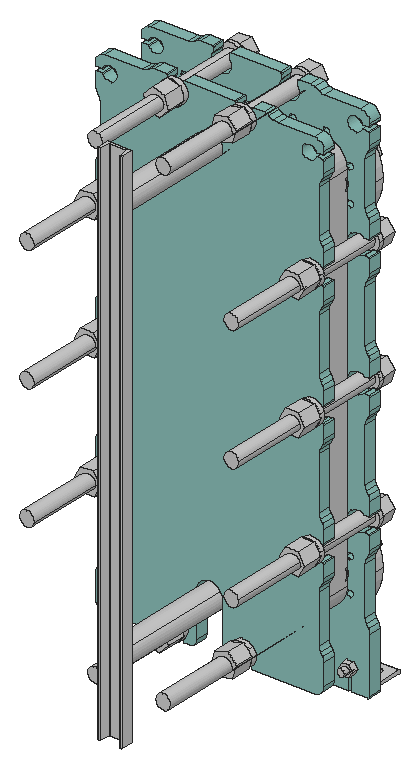
Revit family "MIT 521 - Heat Exchanger", category Specialty Equipment, Revit 2022 (continued)
Forms (mm)
  Extrusion 29, solid, material "AISI 316L/Titanium/Hastelloy", detail levels coarse
    sketch origin (0, -25, 0) x (-1, 0, 0) y (0, 0, 1)
      loop
        line (-6.75, 182.577) -> (-6.75, 190.5) -> (6.75, 190.5) -> (6.75, 182.577)
        arc (6.75, 182.577) -> (20.029, 173.561) -> (25.15, 158.35) r 25.15
        line (25.15, 158.35) -> (25.15, 148.5) -> (24.15, 146.5) -> (24.15, 142.5) -> (26.15, 140.5) -> (187.5, 140.5) -> (187.5, 1007.5) -> (26.15, 1007.5) -> (24.15, 1005.5) -> (24.15, 1001.5) -> (25.15, 999.5) -> (25.15, 989.65)
        arc (25.15, 989.65) -> (20.029, 974.439) -> (6.75, 965.423) r 25.15
        line (6.75, 965.423) -> (6.75, 957.5) -> (-6.75, 957.5) -> (-6.75, 965.423)
        arc (-6.75, 965.423) -> (-20.029, 974.439) -> (-25.15, 989.65) r 25.15
        line (-25.15, 989.65) -> (-25.15, 999.5) -> (-24.15, 1001.5) -> (-24.15, 1005.5) -> (-26.15, 1007.5)
    from 0 to -93
  Extrusion 30, solid, material "Galvanized Steel- S235JR", detail levels coarse
    sketch origin (0, 0, 0) x (1, 0, 0) y (0, 0, 1)
      loop
        circle (-111.75, 933) r 110
      loop
        circle (-111.75, 215) r 110
      loop
        circle (111.75, 215) r 110
      loop
        circle (111.75, 933) r 110
    from 0 to -25.5
  Revolve 31, solid, material "EPDM", detail levels fine
    sketch origin (0, 0, 933) x (1, 0, 0) y (0, 1, 0)
      loop
        line (188.75, 0) -> (188.75, 3) -> (158.75, 3) -> (158.75, -28) -> (188.75, -28) -> (188.75, -25) -> (161.75, -25) -> (161.75, 0) -> (188.75, 0)
      axis (111.75, -28) -> (111.75, 3)
    angle from 0 to 360
  Revolve 32, solid, material "EPDM", detail levels fine
    sketch origin (-223.5, 0, 933) x (1, 0, 0) y (0, 1, 0)
      loop
        line (188.75, 0) -> (188.75, 3) -> (158.75, 3) -> (158.75, -28) -> (188.75, -28) -> (188.75, -25) -> (161.75, -25) -> (161.75, 0) -> (188.75, 0)
      axis (111.75, -28) -> (111.75, 3)
    angle from 0 to 360
  Revolve 33, solid, material "EPDM", detail levels fine
    sketch origin (0, 0, 215) x (1, 0, 0) y (0, 1, 0)
      loop
        line (188.75, 0) -> (188.75, 3) -> (158.75, 3) -> (158.75, -28) -> (188.75, -28) -> (188.75, -25) -> (161.75, -25) -> (161.75, 0) -> (188.75, 0)
      axis (111.75, -28) -> (111.75, 3)
    angle from 0 to 360
  Revolve 34, solid, material "EPDM", detail levels fine
    sketch origin (-223.5, 0, 215) x (1, 0, 0) y (0, 1, 0)
      loop
        line (188.75, 0) -> (188.75, 3) -> (158.75, 3) -> (158.75, -28) -> (188.75, -28) -> (188.75, -25) -> (161.75, -25) -> (161.75, 0) -> (188.75, 0)
      axis (111.75, -28) -> (111.75, 3)
    angle from 0 to 360
Cuts and joins
  Extrusion 15 cuts Extrusion 14
Dimensions and locks
  "Lk": plane 7 "1" to plane 6 "2"
  "Head & Follower Plate": plane 1 "Center (Front/Back)" to plane 7 "1"
  "Lc": plane 7 "1" to plane 8 "3"
  "Lc": plane 10 to plane 1 "Center (Front/Back)"
  locked: Revolve 31 sketch curve to plane 7 "1" at 3
  locked: Revolve 31 sketch curve to plane 1 "Center (Front/Back)" at 3
  locked: Revolve 31 sketch curve to Revolve 31 sketch curve at 3
  locked: Revolve 32 sketch curve to Revolve 32 sketch curve at 3
  locked: Revolve 33 sketch curve to Revolve 33 sketch curve at 3
  locked: Revolve 34 sketch curve to Revolve 34 sketch curve at 3
  aligned and locked: level to plane 2
  aligned and locked: Extrusion 1 to plane 7 "1"
  aligned and locked: Extrusion 1 to plane 1 "Center (Front/Back)"
  aligned and locked: Extrusion 3 to plane 6 "2"
  aligned and locked: plane 7 "1" to Extrusion 3
  aligned and locked: Extrusion 5 to plane 10
  aligned and locked: Extrusion 5 to plane 1 "Center (Front/Back)"
  aligned and locked: Extrusion 4 to plane 8 "3"
  aligned and locked: Extrusion 4 to Extrusion 1
  aligned and locked: Extrusion 13 sketch curve to plane 8 "3"
  aligned and locked: Extrusion 20 sketch curve to Extrusion 13  (x4)
  aligned and locked: Extrusion 29 to Extrusion 28
  aligned and locked: Extrusion 25 to Extrusion 28
  aligned and locked: Extrusion 27 to Extrusion 1
  aligned and locked: Extrusion 23 to Extrusion 1
  aligned and locked: plane 6 "2" to Extrusion 28
  aligned and locked: Extrusion 27 to Revolve 31 sketch curve  (x2)
Automatic sketch dimensions
  Extrusion 2 sketch curve to Extrusion 2 sketch curve = 0.00 mm  (x25)
  Extrusion 2 sketch curve to plane 3 "Center (Left/Right)" = 0.00 mm  (x2)
  plane 3 "Center (Left/Right)" to Extrusion 2 sketch curve = 26.50 mm
  Extrusion 2 sketch curve to Extrusion 2 sketch curve = 15.00 mm  (x2)
  plane 3 "Center (Left/Right)" to Extrusion 2 sketch curve = 50.98 mm
  Extrusion 2 sketch curve to Extrusion 2 sketch curve = 10.25 mm  (x2)
  Extrusion 2 sketch curve to Extrusion 2 sketch curve = 2.00 mm  (x39)
  Extrusion 2 sketch curve to Extrusion 2 sketch curve = 16.25 mm  (x14)
  Extrusion 2 sketch curve to Extrusion 2 sketch curve = 17.02 mm  (x4)
  Extrusion 2 sketch curve to Extrusion 2 sketch curve = 23.121 mm  (x2)
  Extrusion 2 sketch curve to Extrusion 2 sketch curve = 10.00 mm  (x20)
  Extrusion 2 sketch curve to Extrusion 2 sketch curve = 8.038 mm  (x14)
  Extrusion 2 sketch curve to Extrusion 2 sketch curve = 64.821 mm  (x2)
  Extrusion 2 sketch curve to plane 11 "12" = 104.00 mm  (x2)
  plane 3 "Center (Left/Right)" to Extrusion 2 sketch curve = 210.00 mm  (x3)
  Extrusion 2 sketch curve to Extrusion 2 sketch curve = 126.75 mm  (x2)
  Extrusion 2 sketch curve to Extrusion 2 sketch curve = 5.00 mm  (x13)
  Extrusion 2 sketch curve to Extrusion 2 sketch curve = 5.906 mm
  Extrusion 2 sketch curve to Extrusion 2 sketch curve = 13.998 mm  (x12)
  Extrusion 2 sketch curve to Extrusion 2 sketch curve = 2.679 mm  (x23)
  Extrusion 2 sketch curve to plane 11 "12" = 166.859 mm  (x2)
  level to Extrusion 2 sketch curve = 136.859 mm  (x2)
  plane 11 "12" to Extrusion 2 sketch curve = 68.141 mm  (x2)
  Extrusion 2 sketch curve to plane 11 "12" = 41.141 mm  (x2)
  Extrusion 2 sketch curve to plane 11 "12" = 49.179 mm  (x2)
  Extrusion 2 sketch curve to Extrusion 2 sketch curve = 4.641 mm  (x18)
  plane 11 "12" to Extrusion 2 sketch curve = 76.179 mm  (x2)
  Extrusion 2 sketch curve to Extrusion 2 sketch curve = 12.094 mm  (x2)
  Extrusion 2 sketch curve to Extrusion 2 sketch curve = 9.002 mm  (x16)
  Extrusion 2 sketch curve to Extrusion 2 sketch curve = 17.321 mm  (x7)
  Extrusion 2 sketch curve to Extrusion 2 sketch curve = 20.00 mm  (x10)
  Extrusion 2 sketch curve to plane 3 "Center (Left/Right)" = 50.98 mm
  Extrusion 2 sketch curve to plane 3 "Center (Left/Right)" = 210.00 mm  (x3)
  Extrusion 2 sketch curve to Extrusion 2 sketch curve = 15.906 mm
  level to Extrusion 2 sketch curve = 80.00 mm  (x2)
  Extrusion 2 sketch curve to Extrusion 2 sketch curve = 43.821 mm  (x2)
  Extrusion 2 sketch curve to Extrusion 2 sketch curve = 91.00 mm
  Extrusion 2 sketch curve to Extrusion 2 sketch curve = 99.282 mm  (x2)
  Extrusion 2 sketch curve to Extrusion 2 sketch curve = 26.571 mm  (x9)
  Extrusion 2 sketch curve to Extrusion 2 sketch curve = 109.282 mm  (x2)
  Extrusion 2 sketch curve to Extrusion 2 sketch curve = 18.25 mm
  plane 11 "12" to Extrusion 2 sketch curve = 59.00 mm
  Extrusion 2 sketch curve to Extrusion 2 sketch curve = 23.821 mm  (x2)
  Extrusion 2 sketch curve to Extrusion 2 sketch curve = 4.00 mm  (x2)
  Extrusion 2 sketch curve to Extrusion 2 sketch curve = 8.00 mm  (x2)
  Extrusion 2 sketch curve to Extrusion 2 sketch curve = 5.706 mm
  Extrusion 2 sketch curve to Extrusion 2 sketch curve = 14.00 mm  (x2)
  Extrusion 2 sketch curve to Extrusion 2 sketch curve = 12.933 mm  (x4)
  Extrusion 2 sketch curve to Extrusion 2 sketch curve = 9.067 mm
  plane 3 "Center (Left/Right)" to Extrusion 2 sketch curve = 19.252 mm
  Extrusion 2 sketch curve to plane 3 "Center (Left/Right)" = 19.252 mm
  Extrusion 2 sketch curve to Extrusion 2 sketch curve = 15.949 mm
  Extrusion 3 sketch curve to Extrusion 3 sketch curve = 0.00 mm  (x5)
  Extrusion 3 sketch curve to plane 3 "Center (Left/Right)" = 0.00 mm  (x2)
  plane 3 "Center (Left/Right)" to Extrusion 3 sketch curve = 6.75 mm  (x2)
  plane 3 "Center (Left/Right)" to Extrusion 3 sketch curve = 24.15 mm  (x2)
  Extrusion 3 sketch curve to Extrusion 3 sketch curve = 1.00 mm  (x4)
  Extrusion 3 sketch curve to Extrusion 3 sketch curve = 2.00 mm  (x12)
  plane 11 "12" to Extrusion 3 sketch curve = 24.50 mm  (x3)
  Extrusion 3 sketch curve to Extrusion 3 sketch curve = 112.35 mm  (x3)
  Extrusion 3 sketch curve to Extrusion 3 sketch curve = 50.00 mm  (x3)
  Extrusion 3 sketch curve to plane 3 "Center (Left/Right)" = 6.75 mm  (x2)
  Extrusion 3 sketch curve to plane 3 "Center (Left/Right)" = 24.15 mm  (x2)
  Extrusion 3 sketch curve to Extrusion 3 sketch curve = 111.35 mm
  level to Extrusion 3 sketch curve = 190.50 mm
  Extrusion 3 sketch curve to Extrusion 3 sketch curve = 7.923 mm  (x2)
  Extrusion 3 sketch curve to Extrusion 3 sketch curve = 8.00 mm  (x4)
  Extrusion 4 sketch curve to Extrusion 4 sketch curve = 0.00 mm  (x4)
  Extrusion 4 sketch curve to plane 3 "Center (Left/Right)" = 0.00 mm  (x2)
  level to Extrusion 4 sketch curve = 156.00 mm
  plane 11 "12" to Extrusion 4 sketch curve = 59.00 mm
  Extrusion 4 sketch curve to plane 3 "Center (Left/Right)" = 19.252 mm  (x2)
  plane 3 "Center (Left/Right)" to Extrusion 4 sketch curve = 19.252 mm  (x2)
  Extrusion 4 sketch curve to Extrusion 4 sketch curve = 15.949 mm  (x2)
  Extrusion 5 sketch curve to Extrusion 5 sketch curve = 0.00 mm  (x20)
  Extrusion 5 sketch curve to plane 11 "12" = 104.00 mm  (x2)
  Extrusion 5 sketch curve to plane 3 "Center (Left/Right)" = 210.00 mm  (x3)
  Extrusion 5 sketch curve to plane 3 "Center (Left/Right)" = 70.00 mm  (x2)
  plane 3 "Center (Left/Right)" to Extrusion 5 sketch curve = 70.00 mm  (x2)
  plane 3 "Center (Left/Right)" to Extrusion 5 sketch curve = 210.00 mm  (x3)
  Extrusion 5 sketch curve to Extrusion 5 sketch curve = 255.00 mm  (x4)
  level to Extrusion 5 sketch curve = 80.00 mm  (x2)
  plane 11 "12" to Extrusion 5 sketch curve = 133.00 mm  (x2)
  Extrusion 5 sketch curve to Extrusion 5 sketch curve = 14.77 mm  (x12)
  Extrusion 5 sketch curve to Extrusion 5 sketch curve = 6.518 mm  (x8)
  Extrusion 5 sketch curve to Extrusion 5 sketch curve = 2.618 mm  (x6)
  Extrusion 5 sketch curve to Extrusion 5 sketch curve = 13.51 mm  (x4)
  level to Extrusion 6 sketch curve = 45.00 mm  (x4)
  Extrusion 6 sketch curve to plane 3 "Center (Left/Right)" = 208.856 mm
  Extrusion 6 sketch curve to Extrusion 6 sketch curve = 6.928 mm  (x6)
  level to Extrusion 6 sketch curve = 57.00 mm  (x2)
  Extrusion 6 sketch curve to Extrusion 6 sketch curve = 13.856 mm  (x4)
  plane 3 "Center (Left/Right)" to Extrusion 6 sketch curve = 181.144 mm
  level to Extrusion 6 sketch curve = 33.00 mm
  Extrusion 6 sketch curve to Extrusion 6 sketch curve = 12.00 mm
  Extrusion 7 sketch curve to Extrusion 7 sketch curve = 0.00 mm  (x4)
  level to Extrusion 7 sketch curve = 45.00 mm  (x2)
  Extrusion 7 sketch curve to plane 3 "Center (Left/Right)" = 195.00 mm
  plane 3 "Center (Left/Right)" to Extrusion 7 sketch curve = 195.00 mm
  Extrusion 7 sketch curve to Extrusion 7 sketch curve = 0.115 mm  (x4)
  Extrusion 7 sketch curve to Extrusion 7 sketch curve = 15.00 mm  (x2)
  Extrusion 8 sketch curve to Extrusion 8 sketch curve = 0.00 mm  (x4)
  level to Extrusion 8 sketch curve = 45.00 mm  (x2)
  Extrusion 8 sketch curve to plane 3 "Center (Left/Right)" = 195.004 mm
  plane 3 "Center (Left/Right)" to Extrusion 8 sketch curve = 195.004 mm
  Extrusion 8 sketch curve to Extrusion 8 sketch curve = 5.851 mm  (x4)
  Extrusion 8 sketch curve to Extrusion 8 sketch curve = 3.843 mm  (x2)
  level to Extrusion 9 sketch curve = 45.00 mm  (x4)
  Extrusion 9 sketch curve to plane 3 "Center (Left/Right)" = 208.856 mm
  level to Extrusion 9 sketch curve = 33.00 mm  (x2)
  Extrusion 9 sketch curve to Extrusion 9 sketch curve = 6.928 mm  (x6)
  level to Extrusion 9 sketch curve = 57.00 mm  (x2)
  Extrusion 9 sketch curve to Extrusion 9 sketch curve = 13.856 mm  (x4)
  plane 3 "Center (Left/Right)" to Extrusion 9 sketch curve = 181.144 mm
  Extrusion 10 sketch curve to Extrusion 10 sketch curve = 0.00 mm  (x79)
  Extrusion 10 sketch curve to plane 11 "12" = 34.442 mm  (x4)
  Extrusion 10 sketch curve to plane 3 "Center (Left/Right)" = 194.899 mm  (x2)
  Extrusion 10 sketch curve to Extrusion 10 sketch curve = 48.708 mm  (x19)
  Extrusion 10 sketch curve to Extrusion 10 sketch curve = 68.883 mm  (x11)
  Extrusion 10 sketch curve to plane 3 "Center (Left/Right)" = 28.601 mm  (x4)
  plane 3 "Center (Left/Right)" to Extrusion 10 sketch curve = 28.601 mm  (x4)
  plane 11 "12" to Extrusion 10 sketch curve = 34.442 mm  (x4)
  level to Extrusion 10 sketch curve = 298.149 mm
  Extrusion 10 sketch curve to Extrusion 10 sketch curve = 8.542 mm  (x24)
  Extrusion 10 sketch curve to Extrusion 10 sketch curve = 14.759 mm  (x20)
  Extrusion 10 sketch curve to Extrusion 10 sketch curve = 12.33 mm  (x24)
  Extrusion 10 sketch curve to Extrusion 10 sketch curve = 2.679 mm  (x24)
  Extrusion 10 sketch curve to plane 3 "Center (Left/Right)" = 13.842 mm  (x2)
  plane 3 "Center (Left/Right)" to Extrusion 10 sketch curve = 13.842 mm  (x2)
  Extrusion 11 sketch curve to plane 3 "Center (Left/Right)" = 209.284 mm  (x2)
  plane 11 "12" to Extrusion 11 sketch curve = 33.255 mm  (x2)
  Extrusion 11 sketch curve to Extrusion 11 sketch curve = 0.183 mm  (x2)
  Extrusion 11 sketch curve to plane 11 "12" = 31.864 mm  (x2)
  Extrusion 11 sketch curve to plane 11 "12" = 45.452 mm  (x2)
  Extrusion 11 sketch curve to Extrusion 11 sketch curve = 4.869 mm  (x24)
  Extrusion 11 sketch curve to Extrusion 11 sketch curve = 6.165 mm  (x19)
  plane 11 "12" to Extrusion 11 sketch curve = 46.306 mm  (x2)
  plane 11 "12" to Extrusion 11 sketch curve = 21.391 mm  (x4)
  Extrusion 11 sketch curve to Extrusion 11 sketch curve = 8.22 mm  (x23)
  Extrusion 11 sketch curve to plane 11 "12" = 20.854 mm  (x2)
  Extrusion 11 sketch curve to Extrusion 11 sketch curve = 9.333 mm  (x20)
  Extrusion 11 sketch curve to plane 11 "12" = 48.029 mm  (x2)
  Extrusion 11 sketch curve to Extrusion 11 sketch curve = 14.202 mm  (x32)
  Extrusion 11 sketch curve to Extrusion 11 sketch curve = 14.385 mm  (x30)
  plane 11 "12" to Extrusion 11 sketch curve = 47.492 mm  (x2)
  plane 11 "12" to Extrusion 11 sketch curve = 22.577 mm  (x2)
  Extrusion 11 sketch curve to plane 11 "12" = 23.431 mm  (x2)
  Extrusion 11 sketch curve to plane 11 "12" = 37.019 mm  (x2)
  plane 11 "12" to Extrusion 11 sketch curve = 35.628 mm  (x2)
  Extrusion 11 sketch curve to Extrusion 11 sketch curve = 28.954 mm  (x6)
  plane 11 "12" to Extrusion 11 sketch curve = 78.28 mm  (x2)
  Extrusion 11 sketch curve to Extrusion 11 sketch curve = 30.788 mm  (x8)
  Extrusion 11 sketch curve to plane 11 "12" = 76.984 mm  (x3)
  Extrusion 11 sketch curve to Extrusion 11 sketch curve = 1.186 mm  (x14)
  Extrusion 11 sketch curve to Extrusion 11 sketch curve = 2.577 mm  (x22)
  plane 11 "12" to Extrusion 11 sketch curve = 68.947 mm  (x2)
  Extrusion 11 sketch curve to Extrusion 11 sketch curve = 11.01 mm  (x20)
  Extrusion 11 sketch curve to plane 11 "12" = 68.764 mm  (x2)
  Extrusion 11 sketch curve to Extrusion 11 sketch curve = 11.865 mm  (x28)
  Extrusion 11 sketch curve to Extrusion 11 sketch curve = 13.051 mm  (x28)
  Extrusion 11 sketch curve to Extrusion 11 sketch curve = 13.588 mm  (x28)
  Extrusion 11 sketch curve to Extrusion 11 sketch curve = 41.707 mm  (x4)
  Extrusion 11 sketch curve to Extrusion 11 sketch curve = 42.782 mm  (x4)
  Extrusion 11 sketch curve to plane 3 "Center (Left/Right)" = 42.986 mm  (x2)
  Extrusion 11 sketch curve to plane 3 "Center (Left/Right)" = 42.803 mm  (x2)
  Extrusion 11 sketch curve to plane 3 "Center (Left/Right)" = 14.399 mm  (x2)
  Extrusion 11 sketch curve to plane 3 "Center (Left/Right)" = 14.216 mm  (x2)
  plane 3 "Center (Left/Right)" to Extrusion 11 sketch curve = 14.216 mm  (x2)
  plane 3 "Center (Left/Right)" to Extrusion 11 sketch curve = 14.399 mm  (x2)
  Extrusion 11 sketch curve to Extrusion 11 sketch curve = 31.745 mm  (x6)
  Extrusion 11 sketch curve to Extrusion 11 sketch curve = 21.455 mm  (x4)
  Extrusion 11 sketch curve to Extrusion 11 sketch curve = 12.331 mm
  Extrusion 11 sketch curve to Extrusion 11 sketch curve = 20.55 mm  (x3)
  Extrusion 11 sketch curve to Extrusion 11 sketch curve = 2.054 mm
  level to Extrusion 11 sketch curve = 312.351 mm
  Extrusion 11 sketch curve to Extrusion 11 sketch curve = 0.00 mm  (x3)
  Extrusion 11 sketch curve to Extrusion 11 sketch curve = 42.244 mm  (x4)
  Extrusion 12 sketch curve to Extrusion 12 sketch curve = 0.00 mm  (x4)
  Extrusion 12 sketch curve to plane 3 "Center (Left/Right)" = 0.00 mm  (x2)
  level to Extrusion 12 sketch curve = 156.015 mm
  plane 11 "12" to Extrusion 12 sketch curve = 58.984 mm
  Extrusion 12 sketch curve to plane 3 "Center (Left/Right)" = 9.00 mm  (x2)
  Extrusion 13 sketch curve to plane 3 "Center (Left/Right)" = 25.00 mm
  Extrusion 13 sketch curve to Extrusion 13 sketch curve = 2.00 mm
  Extrusion 13 sketch curve to Extrusion 13 sketch curve = 0.974 mm  (x2)
  Extrusion 13 sketch curve to Extrusion 13 sketch curve = 1.481 mm  (x2)
  Extrusion 13 sketch curve to plane 8 "3" = 6.676 mm  (x2)
  Extrusion 13 sketch curve to Extrusion 13 sketch curve = 7.228 mm  (x2)
  Extrusion 13 sketch curve to Extrusion 13 sketch curve = 2.692 mm  (x2)
  Extrusion 13 sketch curve to plane 8 "3" = 8.00 mm
  plane 3 "Center (Left/Right)" to Extrusion 13 sketch curve = 15.08 mm
  Extrusion 13 sketch curve to Extrusion 13 sketch curve = 5.465 mm
  Extrusion 13 sketch curve to Extrusion 13 sketch curve = 16.324 mm
  Extrusion 13 sketch curve to Extrusion 13 sketch curve = 15.00 mm
  Extrusion 13 sketch curve to Extrusion 13 sketch curve = 0.50 mm  (x2)
  Extrusion 14 sketch curve to level = 0.00 mm
  Extrusion 14 sketch curve to plane 1 "Center (Front/Back)" = 0.00 mm
  level to Extrusion 14 sketch curve = 1.00 mm
  Extrusion 14 sketch curve to Extrusion 14 sketch curve = 2.00 mm
  Extrusion 14 sketch curve to Extrusion 14 sketch curve = 3.50 mm
  level to Extrusion 14 sketch curve = 7.50 mm
  Extrusion 14 sketch curve to Extrusion 14 sketch curve = 5.00 mm
  Extrusion 14 sketch curve to plane 1 "Center (Front/Back)" = 4.50 mm
  Extrusion 14 sketch curve to Extrusion 14 sketch curve = 54.50 mm
  Extrusion 14 sketch curve to Extrusion 14 sketch curve = 3.00 mm
  plane 9 "Bolt End" to Extrusion 14 sketch curve = 49.30 mm
  Extrusion 15 sketch curve to Extrusion 15 sketch curve = 0.00 mm  (x4)
  plane 1 "Center (Front/Back)" to Extrusion 15 sketch curve = 0.00 mm
  plane 9 "Bolt End" to Extrusion 15 sketch curve = 26.30 mm  (x2)
  Extrusion 15 sketch curve to Extrusion 15 sketch curve = 25.00 mm  (x3)
  Extrusion 15 sketch curve to plane 3 "Center (Left/Right)" = 195.00 mm
  plane 3 "Center (Left/Right)" to Extrusion 15 sketch curve = 170.00 mm
  Extrusion 15 sketch curve to Extrusion 15 sketch curve = 9.00 mm  (x2)
  Extrusion 16 sketch curve to Extrusion 16 sketch curve = 0.00 mm  (x20)
  Extrusion 16 sketch curve to plane 3 "Center (Left/Right)" = 210.00 mm  (x3)
  Extrusion 16 sketch curve to plane 11 "12" = 104.00 mm  (x2)
  Extrusion 16 sketch curve to plane 3 "Center (Left/Right)" = 70.00 mm  (x2)
  plane 3 "Center (Left/Right)" to Extrusion 16 sketch curve = 70.00 mm  (x2)
  plane 3 "Center (Left/Right)" to Extrusion 16 sketch curve = 210.00 mm  (x3)
  Extrusion 16 sketch curve to Extrusion 16 sketch curve = 255.00 mm  (x4)
  level to Extrusion 16 sketch curve = 80.00 mm  (x2)
  plane 11 "12" to Extrusion 16 sketch curve = 133.00 mm  (x2)
  Extrusion 16 sketch curve to Extrusion 16 sketch curve = 25.00 mm  (x6)
  Extrusion 16 sketch curve to Extrusion 16 sketch curve = 23.706 mm  (x8)
  Extrusion 16 sketch curve to Extrusion 16 sketch curve = 7.938 mm  (x4)
  Extrusion 2 to Extrusion 17 sketch curve = 1.554 mm  (x6)
  Extrusion 17 sketch curve to Extrusion 2 = 1.342 mm  (x6)
  Extrusion 17 sketch curve to Extrusion 2 = 2.104 mm  (x6)
  Extrusion 17 sketch curve to Extrusion 2 = 6.967 mm  (x12)
  Extrusion 17 sketch curve to Extrusion 17 sketch curve = 26.554 mm  (x6)
  Extrusion 17 sketch curve to Extrusion 2 = 6.527 mm  (x12)
  Extrusion 2 to Extrusion 17 sketch curve = 15.81 mm  (x12)
  Extrusion 17 sketch curve to Extrusion 17 sketch curve = 12.896 mm  (x5)
  Extrusion 17 sketch curve to Extrusion 17 sketch curve = 13.658 mm  (x4)
  Extrusion 17 sketch curve to Extrusion 2 = 8.76 mm  (x8)
  Extrusion 17 sketch curve to Extrusion 2 = 1.397 mm  (x8)
  Extrusion 2 to Extrusion 17 sketch curve = 8.886 mm  (x8)
  Extrusion 2 to Extrusion 17 sketch curve = 1.517 mm  (x2)
  Extrusion 2 to Extrusion 17 sketch curve = 0.517 mm  (x2)
  Extrusion 17 sketch curve to Extrusion 2 = 41.554 mm  (x3)
  Extrusion 17 sketch curve to Extrusion 2 = 5.865 mm  (x2)
  Extrusion 17 sketch curve to Extrusion 2 = 18.619 mm  (x2)
  Extrusion 17 sketch curve to Extrusion 17 sketch curve = 25.517 mm  (x4)
  Extrusion 17 sketch curve to Extrusion 17 sketch curve = 6.381 mm  (x2)
  Extrusion 17 sketch curve to Extrusion 2 = 4.517 mm  (x2)
  Extrusion 2 to Extrusion 17 sketch curve = 1.865 mm  (x2)
  Extrusion 17 sketch curve to Extrusion 2 = 6.619 mm  (x2)
  Extrusion 17 sketch curve to Extrusion 2 = 7.619 mm  (x2)
  Extrusion 17 sketch curve to Extrusion 2 = 4.865 mm  (x2)
  Extrusion 18 sketch curve to Extrusion 18 sketch curve = 0.00 mm  (x10)
  Extrusion 18 sketch curve to Extrusion 2 = 0.826 mm  (x6)
  Extrusion 2 to Extrusion 18 sketch curve = 9.877 mm  (x6)
  Extrusion 18 sketch curve to Extrusion 2 = 1.47 mm  (x8)
  Extrusion 19 sketch curve to plane 3 "Center (Left/Right)" = 235.866 mm  (x3)
  Extrusion 19 sketch curve to plane 11 "12" = 99.416 mm  (x2)
  Extrusion 19 sketch curve to Extrusion 19 sketch curve = 8.963 mm  (x8)
  Extrusion 19 sketch curve to plane 11 "12" = 79.307 mm  (x2)
  Extrusion 19 sketch curve to Extrusion 19 sketch curve = 16.903 mm  (x10)
  Extrusion 19 sketch curve to Extrusion 19 sketch curve = 25.866 mm  (x12)
  Extrusion 19 sketch curve to plane 11 "12" = 83.891 mm  (x2)
  Extrusion 19 sketch curve to plane 3 "Center (Left/Right)" = 96.197 mm  (x2)
  Extrusion 19 sketch curve to Extrusion 19 sketch curve = 11.415 mm  (x6)
  Extrusion 19 sketch curve to Extrusion 19 sketch curve = 14.783 mm  (x6)
  Extrusion 19 sketch curve to Extrusion 19 sketch curve = 26.197 mm  (x8)
  plane 3 "Center (Left/Right)" to Extrusion 19 sketch curve = 43.803 mm  (x2)
  plane 3 "Center (Left/Right)" to Extrusion 19 sketch curve = 184.134 mm  (x3)
  Extrusion 19 sketch curve to Extrusion 19 sketch curve = 24.693 mm  (x12)
  Extrusion 19 sketch curve to Extrusion 19 sketch curve = 4.584 mm  (x6)
  Extrusion 19 sketch curve to Extrusion 19 sketch curve = 205.614 mm  (x4)
  Extrusion 19 sketch curve to Extrusion 19 sketch curve = 20.109 mm  (x8)
  level to Extrusion 19 sketch curve = 103.66 mm  (x2)
  Extrusion 19 sketch curve to Extrusion 19 sketch curve = 1.944 mm  (x6)
  Extrusion 19 sketch curve to Extrusion 19 sketch curve = 21.715 mm  (x6)
  Extrusion 19 sketch curve to Extrusion 19 sketch curve = 23.66 mm  (x8)
  plane 11 "12" to Extrusion 19 sketch curve = 109.34 mm  (x2)
  Extrusion 21 sketch curve to Extrusion 21 sketch curve = 0.00 mm  (x124)
  Extrusion 21 sketch curve to plane 11 "12" = 0.00 mm  (x2)
  Extrusion 21 sketch curve to plane 11 "12" = 34.442 mm  (x4)
  Extrusion 21 sketch curve to plane 3 "Center (Left/Right)" = 194.899 mm  (x2)
  Extrusion 21 sketch curve to Extrusion 21 sketch curve = 48.708 mm  (x20)
  Extrusion 21 sketch curve to Extrusion 21 sketch curve = 34.442 mm  (x8)
  Extrusion 21 sketch curve to Extrusion 21 sketch curve = 68.883 mm  (x8)
  Extrusion 21 sketch curve to plane 3 "Center (Left/Right)" = 28.601 mm  (x4)
  plane 3 "Center (Left/Right)" to Extrusion 21 sketch curve = 28.601 mm  (x4)
  Extrusion 21 sketch curve to Extrusion 21 sketch curve = 83.149 mm  (x2)
  plane 11 "12" to Extrusion 21 sketch curve = 34.442 mm  (x4)
  Extrusion 21 sketch curve to plane 11 "12" = 83.149 mm
  level to Extrusion 21 sketch curve = 298.149 mm
  Extrusion 21 sketch curve to Extrusion 21 sketch curve = 7.00 mm  (x32)
  Extrusion 21 sketch curve to Extrusion 21 sketch curve = 19.851 mm  (x2)
  Extrusion 21 sketch curve to Extrusion 21 sketch curve = 21.862 mm  (x4)
  Extrusion 21 sketch curve to Extrusion 21 sketch curve = 28.862 mm  (x4)
  plane 3 "Center (Left/Right)" to Extrusion 21 sketch curve = 1.75 mm  (x2)
  Extrusion 21 sketch curve to Extrusion 21 sketch curve = 6.352 mm  (x4)
  Extrusion 22 sketch curve to Extrusion 22 sketch curve = 0.00 mm  (x4)
  Extrusion 22 sketch curve to plane 3 "Center (Left/Right)" = 0.00 mm  (x2)
  level to Extrusion 22 sketch curve = 156.00 mm
  plane 11 "12" to Extrusion 22 sketch curve = 59.00 mm
  Extrusion 22 sketch curve to plane 3 "Center (Left/Right)" = 4.875 mm  (x2)
  plane 3 "Center (Left/Right)" to Extrusion 22 sketch curve = 4.875 mm  (x2)
  Extrusion 22 sketch curve to Extrusion 22 sketch curve = 10.965 mm  (x2)
  Extrusion 24 sketch curve to Extrusion 24 sketch curve = 0.00 mm  (x2)
  Extrusion 24 sketch curve to plane 3 "Center (Left/Right)" = 0.00 mm  (x2)
  plane 3 "Center (Left/Right)" to Extrusion 24 sketch curve = 26.50 mm
  Extrusion 24 sketch curve to Extrusion 24 sketch curve = 15.00 mm  (x2)
  plane 3 "Center (Left/Right)" to Extrusion 24 sketch curve = 70.00 mm
  Extrusion 24 sketch curve to Extrusion 24 sketch curve = 28.50 mm  (x2)
  Extrusion 24 sketch curve to Extrusion 24 sketch curve = 47.50 mm  (x2)
  Extrusion 24 sketch curve to Extrusion 24 sketch curve = 17.321 mm  (x2)
  Extrusion 24 sketch curve to Extrusion 24 sketch curve = 70.179 mm  (x2)
  Extrusion 24 sketch curve to plane 11 "12" = 104.00 mm  (x2)
  plane 3 "Center (Left/Right)" to Extrusion 24 sketch curve = 210.00 mm  (x3)
  Extrusion 24 sketch curve to Extrusion 24 sketch curve = 10.00 mm  (x5)
  level to Extrusion 24 sketch curve = 60.00 mm
  Extrusion 24 sketch curve to Extrusion 24 sketch curve = 160.00 mm  (x2)
  Extrusion 24 sketch curve to Extrusion 24 sketch curve = 20.00 mm
  Extrusion 24 sketch curve to plane 3 "Center (Left/Right)" = 70.00 mm
  Extrusion 24 sketch curve to plane 3 "Center (Left/Right)" = 210.00 mm  (x3)
  level to Extrusion 24 sketch curve = 55.00 mm
  Extrusion 24 sketch curve to Extrusion 24 sketch curve = 5.00 mm
  Extrusion 24 sketch curve to Extrusion 24 sketch curve = 91.00 mm
  Extrusion 24 sketch curve to Extrusion 24 sketch curve = 158.00 mm  (x2)
  Extrusion 24 sketch curve to Extrusion 24 sketch curve = 255.00 mm  (x2)
  plane 11 "12" to Extrusion 24 sketch curve = 59.00 mm
  plane 11 "12" to Extrusion 24 sketch curve = 116.00 mm  (x2)
  Extrusion 24 sketch curve to Extrusion 24 sketch curve = 11.00 mm  (x2)
  Extrusion 24 sketch curve to Extrusion 24 sketch curve = 14.00 mm  (x2)
  plane 3 "Center (Left/Right)" to Extrusion 24 sketch curve = 19.252 mm
  Extrusion 24 sketch curve to plane 3 "Center (Left/Right)" = 19.252 mm
  Extrusion 24 sketch curve to Extrusion 24 sketch curve = 15.949 mm
  Extrusion 25 sketch curve to Extrusion 25 sketch curve = 0.00 mm  (x6)
  Extrusion 25 sketch curve to plane 3 "Center (Left/Right)" = 0.00 mm  (x2)
  plane 3 "Center (Left/Right)" to Extrusion 25 sketch curve = 6.75 mm  (x2)
  plane 3 "Center (Left/Right)" to Extrusion 25 sketch curve = 24.15 mm  (x2)
  Extrusion 25 sketch curve to Extrusion 25 sketch curve = 1.00 mm  (x4)
  Extrusion 25 sketch curve to Extrusion 25 sketch curve = 2.00 mm  (x11)
  Extrusion 25 sketch curve to Extrusion 25 sketch curve = 111.35 mm  (x4)
  Extrusion 25 sketch curve to Extrusion 25 sketch curve = 50.00 mm  (x5)
  Extrusion 25 sketch curve to plane 3 "Center (Left/Right)" = 6.75 mm  (x2)
  Extrusion 25 sketch curve to plane 3 "Center (Left/Right)" = 24.15 mm  (x2)
  level to Extrusion 25 sketch curve = 140.50 mm  (x2)
  Extrusion 25 sketch curve to Extrusion 25 sketch curve = 4.00 mm  (x4)
  Extrusion 25 sketch curve to Extrusion 25 sketch curve = 11.85 mm
  Extrusion 25 sketch curve to Extrusion 25 sketch curve = 7.923 mm  (x2)
  plane 11 "12" to Extrusion 25 sketch curve = 24.50 mm  (x3)
  Extrusion 25 sketch curve to Extrusion 25 sketch curve = 9.85 mm  (x2)
  Extrusion 26 sketch curve to Extrusion 26 sketch curve = 0.00 mm  (x49)
  Extrusion 26 sketch curve to plane 11 "12" = 0.00 mm  (x2)
  Extrusion 26 sketch curve to plane 3 "Center (Left/Right)" = 111.75 mm  (x2)
  plane 3 "Center (Left/Right)" to Extrusion 26 sketch curve = 111.75 mm  (x2)
  level to Extrusion 26 sketch curve = 215.00 mm
  Extrusion 26 sketch curve to Extrusion 26 sketch curve = 3.623 mm  (x8)
  Extrusion 26 sketch curve to Extrusion 26 sketch curve = 110.00 mm  (x2)
  plane 3 "Center (Left/Right)" to Extrusion 26 sketch curve = 1.75 mm  (x2)
  Extrusion 26 sketch curve to plane 11 "12" = 49.869 mm  (x2)
  Extrusion 26 sketch curve to Extrusion 26 sketch curve = 49.869 mm  (x2)
  Extrusion 27 sketch curve to Extrusion 27 sketch curve = 0.00 mm  (x4)
  Extrusion 27 sketch curve to level = 0.00 mm  (x2)
  Extrusion 27 sketch curve to plane 3 "Center (Left/Right)" = 0.00 mm  (x2)
  Extrusion 27 sketch curve to plane 3 "Center (Left/Right)" = 70.00 mm  (x2)
  Extrusion 27 sketch curve to Extrusion 27 sketch curve = 85.00 mm  (x2)
  Extrusion 27 sketch curve to Extrusion 27 sketch curve = 5.00 mm  (x3)
  Extrusion 27 sketch curve to Extrusion 27 sketch curve = 40.00 mm  (x2)
  Extrusion 27 sketch curve to Extrusion 27 sketch curve = 135.00 mm  (x2)
  Extrusion 27 sketch curve to plane 3 "Center (Left/Right)" = 210.00 mm  (x3)
  Extrusion 27 sketch curve to plane 11 "12" = 104.00 mm  (x2)
  Extrusion 27 sketch curve to Extrusion 27 sketch curve = 35.00 mm  (x2)
  plane 3 "Center (Left/Right)" to Extrusion 27 sketch curve = 70.00 mm  (x2)
  plane 3 "Center (Left/Right)" to Extrusion 27 sketch curve = 210.00 mm  (x3)
  Extrusion 27 sketch curve to Extrusion 27 sketch curve = 30.00 mm
  level to Extrusion 27 sketch curve = 45.00 mm  (x2)
  Extrusion 27 sketch curve to Extrusion 27 sketch curve = 10.00 mm
  level to Extrusion 27 sketch curve = 80.00 mm  (x2)
  Extrusion 27 sketch curve to Extrusion 27 sketch curve = 76.00 mm
  Extrusion 27 sketch curve to Extrusion 27 sketch curve = 163.00 mm  (x2)
  Extrusion 27 sketch curve to Extrusion 27 sketch curve = 255.00 mm  (x2)
  plane 11 "12" to Extrusion 27 sketch curve = 59.00 mm
  plane 11 "12" to Extrusion 27 sketch curve = 116.00 mm  (x2)
  Extrusion 27 sketch curve to Extrusion 27 sketch curve = 74.00 mm  (x2)
  Extrusion 27 sketch curve to Extrusion 27 sketch curve = 41.00 mm
  Extrusion 27 sketch curve to plane 3 "Center (Left/Right)" = 6.25 mm
  Extrusion 27 sketch curve to Extrusion 27 sketch curve = 6.25 mm
  Extrusion 28 sketch curve to Extrusion 28 sketch curve = 0.00 mm  (x2)
  Extrusion 28 sketch curve to plane 3 "Center (Left/Right)" = 0.00 mm  (x2)
  plane 3 "Center (Left/Right)" to Extrusion 28 sketch curve = 70.00 mm  (x2)
  Extrusion 28 sketch curve to Extrusion 28 sketch curve = 135.00 mm  (x2)
  plane 3 "Center (Left/Right)" to Extrusion 28 sketch curve = 210.00 mm  (x3)
  Extrusion 28 sketch curve to plane 11 "12" = 104.00 mm  (x2)
  level to Extrusion 28 sketch curve = 55.00 mm
  Extrusion 28 sketch curve to Extrusion 28 sketch curve = 165.00 mm  (x2)
  Extrusion 28 sketch curve to plane 3 "Center (Left/Right)" = 70.00 mm  (x2)
  Extrusion 28 sketch curve to plane 3 "Center (Left/Right)" = 210.00 mm  (x3)
  level to Extrusion 28 sketch curve = 80.00 mm  (x2)
  Extrusion 28 sketch curve to Extrusion 28 sketch curve = 78.35 mm
  Extrusion 28 sketch curve to Extrusion 28 sketch curve = 160.65 mm  (x2)
  Extrusion 28 sketch curve to Extrusion 28 sketch curve = 255.00 mm  (x2)
  plane 11 "12" to Extrusion 28 sketch curve = 59.00 mm
  plane 11 "12" to Extrusion 28 sketch curve = 116.00 mm  (x2)
  Extrusion 28 sketch curve to Extrusion 28 sketch curve = 74.00 mm  (x2)
  Extrusion 28 sketch curve to Extrusion 28 sketch curve = 41.00 mm
  plane 3 "Center (Left/Right)" to Extrusion 28 sketch curve = 19.252 mm
  Extrusion 28 sketch curve to plane 3 "Center (Left/Right)" = 19.252 mm
  Extrusion 28 sketch curve to Extrusion 28 sketch curve = 15.949 mm
  Extrusion 29 sketch curve to Extrusion 29 sketch curve = 0.00 mm  (x4)
  Extrusion 29 sketch curve to plane 3 "Center (Left/Right)" = 0.00 mm  (x2)
  plane 3 "Center (Left/Right)" to Extrusion 29 sketch curve = 6.75 mm  (x2)
  plane 3 "Center (Left/Right)" to Extrusion 29 sketch curve = 24.15 mm  (x2)
  Extrusion 29 sketch curve to Extrusion 29 sketch curve = 1.00 mm  (x4)
  Extrusion 29 sketch curve to Extrusion 29 sketch curve = 2.00 mm  (x12)
  Extrusion 29 sketch curve to Extrusion 29 sketch curve = 161.35 mm  (x2)
  Extrusion 29 sketch curve to plane 3 "Center (Left/Right)" = 6.75 mm  (x2)
  Extrusion 29 sketch curve to plane 3 "Center (Left/Right)" = 24.15 mm  (x2)
  level to Extrusion 29 sketch curve = 140.50 mm  (x2)
  Extrusion 29 sketch curve to Extrusion 29 sketch curve = 4.00 mm  (x4)
  Extrusion 29 sketch curve to Extrusion 29 sketch curve = 9.85 mm  (x3)
  Extrusion 29 sketch curve to Extrusion 29 sketch curve = 7.923 mm  (x2)
  plane 11 "12" to Extrusion 29 sketch curve = 24.50 mm
  Extrusion 30 sketch curve to Extrusion 30 sketch curve = 0.00 mm  (x9)
  Extrusion 30 sketch curve to plane 11 "12" = 0.00 mm  (x2)
  Extrusion 30 sketch curve to plane 3 "Center (Left/Right)" = 111.75 mm  (x2)
  plane 3 "Center (Left/Right)" to Extrusion 30 sketch curve = 111.75 mm  (x2)
  level to Extrusion 30 sketch curve = 215.00 mm
  Extrusion 30 sketch curve to Extrusion 30 sketch curve = 110.00 mm  (x2)
  plane 3 "Center (Left/Right)" to Extrusion 30 sketch curve = 1.75 mm  (x2)
  plane 3 "Center (Left/Right)" to Revolve 31 sketch curve = 158.75 mm
  Revolve 31 sketch curve to Revolve 31 sketch curve = 27.00 mm
  Revolve 31 sketch curve to Revolve 31 sketch curve = 0.00 mm
  plane 9 "Bolt End" to Revolve 31 sketch curve = 6.80 mm
  Revolve 31 sketch curve to Revolve 31 sketch curve = 47.00 mm
  Revolve 31 sketch curve to Revolve 31 sketch curve = 195.00 mm
  Revolve 32 sketch curve to plane 7 "1" = 0.00 mm
  plane 1 "Center (Front/Back)" to Revolve 32 sketch curve = 0.00 mm
  Revolve 32 sketch curve to plane 1 "Center (Front/Back)" = 3.00 mm
  Revolve 32 sketch curve to plane 3 "Center (Left/Right)" = 64.75 mm
  Revolve 32 sketch curve to Revolve 32 sketch curve = 27.00 mm
  Revolve 32 sketch curve to Revolve 32 sketch curve = 0.00 mm
  Revolve 32 sketch curve to Revolve 32 sketch curve = 3.00 mm
  plane 9 "Bolt End" to Revolve 32 sketch curve = 6.80 mm
  Revolve 32 sketch curve to Revolve 32 sketch curve = 47.00 mm
  Revolve 32 sketch curve to Revolve 32 sketch curve = 195.00 mm
  Revolve 33 sketch curve to plane 7 "1" = 0.00 mm
  plane 1 "Center (Front/Back)" to Revolve 33 sketch curve = 0.00 mm
  Revolve 33 sketch curve to plane 1 "Center (Front/Back)" = 3.00 mm
  plane 3 "Center (Left/Right)" to Revolve 33 sketch curve = 158.75 mm
  Revolve 33 sketch curve to Revolve 33 sketch curve = 27.00 mm
  Revolve 33 sketch curve to Revolve 33 sketch curve = 0.00 mm
  Revolve 33 sketch curve to plane 7 "1" = 3.00 mm
  plane 9 "Bolt End" to Revolve 33 sketch curve = 6.80 mm
  Revolve 33 sketch curve to Revolve 33 sketch curve = 47.00 mm
  Revolve 33 sketch curve to Revolve 33 sketch curve = 195.00 mm
  Revolve 34 sketch curve to plane 7 "1" = 0.00 mm
  plane 1 "Center (Front/Back)" to Revolve 34 sketch curve = 0.00 mm
  Revolve 34 sketch curve to plane 1 "Center (Front/Back)" = 3.00 mm
  Revolve 34 sketch curve to plane 3 "Center (Left/Right)" = 64.75 mm
  Revolve 34 sketch curve to Revolve 34 sketch curve = 27.00 mm
  Revolve 34 sketch curve to Revolve 34 sketch curve = 0.00 mm
  Revolve 34 sketch curve to Revolve 34 sketch curve = 3.00 mm
  plane 9 "Bolt End" to Revolve 34 sketch curve = 6.80 mm
  Revolve 34 sketch curve to Revolve 34 sketch curve = 47.00 mm
  Revolve 34 sketch curve to Revolve 34 sketch curve = 195.00 mm
  Extrusion 23 sketch curve to level = 0.00 mm  (x2)
  Extrusion 23 sketch curve to plane 11 "12" = 0.00 mm  (x2)
  Extrusion 23 sketch curve to plane 3 "Center (Left/Right)" = 0.00 mm  (x2)
  Extrusion 23 sketch curve to plane 3 "Center (Left/Right)" = 70.00 mm  (x2)
  Extrusion 23 sketch curve to plane 3 "Center (Left/Right)" = 111.75 mm  (x2)
  Extrusion 23 sketch curve to Extrusion 23 sketch curve = 47.50 mm  (x2)
  level to Extrusion 23 sketch curve = 55.00 mm
  Extrusion 23 sketch curve to Extrusion 23 sketch curve = 57.50 mm  (x2)
  Extrusion 23 sketch curve to Extrusion 23 sketch curve = 17.321 mm  (x2)
  Extrusion 23 sketch curve to Extrusion 23 sketch curve = 27.50 mm  (x2)
  level to Extrusion 23 sketch curve = 5.00 mm  (x3)
  Extrusion 23 sketch curve to Extrusion 23 sketch curve = 40.00 mm  (x2)
  Extrusion 23 sketch curve to Extrusion 23 sketch curve = 70.179 mm  (x2)
  Extrusion 23 sketch curve to plane 3 "Center (Left/Right)" = 210.00 mm  (x2)
  Extrusion 23 sketch curve to Extrusion 23 sketch curve = 98.25 mm  (x3)
  Extrusion 23 sketch curve to Extrusion 23 sketch curve = 10.00 mm  (x3)
  Extrusion 23 sketch curve to Extrusion 23 sketch curve = 35.00 mm  (x2)
  plane 3 "Center (Left/Right)" to Extrusion 23 sketch curve = 70.00 mm  (x2)
  plane 3 "Center (Left/Right)" to Extrusion 23 sketch curve = 111.75 mm  (x2)
  level to Extrusion 23 sketch curve = 27.50 mm
  Extrusion 23 sketch curve to Extrusion 23 sketch curve = 5.00 mm
  plane 3 "Center (Left/Right)" to Extrusion 23 sketch curve = 210.00 mm
  Extrusion 23 sketch curve to Extrusion 23 sketch curve = 22.50 mm
  Extrusion 23 sketch curve to Extrusion 23 sketch curve = 17.50 mm  (x2)
  Extrusion 23 sketch curve to Extrusion 23 sketch curve = 25.00 mm  (x2)
  Extrusion 23 sketch curve to Extrusion 23 sketch curve = 76.00 mm
  Extrusion 23 sketch curve to Extrusion 23 sketch curve = 59.00 mm  (x2)
  Extrusion 23 sketch curve to Extrusion 23 sketch curve = 104.00 mm  (x2)
  Extrusion 23 sketch curve to Extrusion 23 sketch curve = 255.00 mm  (x2)
  Extrusion 23 sketch curve to plane 11 "12" = 104.00 mm  (x2)
  plane 11 "12" to Extrusion 23 sketch curve = 59.00 mm
  plane 11 "12" to Extrusion 23 sketch curve = 116.00 mm  (x2)
  Extrusion 23 sketch curve to Extrusion 23 sketch curve = 11.00 mm  (x2)
  Extrusion 23 sketch curve to Extrusion 23 sketch curve = 14.00 mm  (x2)
  Extrusion 23 sketch curve to plane 3 "Center (Left/Right)" = 6.25 mm
  Extrusion 23 sketch curve to Extrusion 23 sketch curve = 6.25 mm
  Extrusion 23 sketch curve to Extrusion 23 sketch curve = 50.00 mm  (x4)
  Extrusion 1 sketch curve to level = 0.00 mm  (x4)
  Extrusion 1 sketch curve to plane 11 "12" = 0.00 mm  (x2)
  Extrusion 1 sketch curve to plane 3 "Center (Left/Right)" = 0.00 mm  (x2)
  Extrusion 1 sketch curve to plane 3 "Center (Left/Right)" = 28.601 mm  (x4)
  Extrusion 1 sketch curve to plane 3 "Center (Left/Right)" = 50.98 mm
  Extrusion 1 sketch curve to Extrusion 1 sketch curve = 0.00 mm  (x33)
  Extrusion 1 sketch curve to plane 3 "Center (Left/Right)" = 51.75 mm
  Extrusion 1 sketch curve to Extrusion 1 sketch curve = 2.00 mm  (x35)
  Extrusion 1 sketch curve to Extrusion 1 sketch curve = 17.02 mm  (x4)
  Extrusion 1 sketch curve to Extrusion 1 sketch curve = 16.25 mm  (x16)
  Extrusion 1 sketch curve to Extrusion 1 sketch curve = 48.708 mm  (x15)
  Extrusion 1 sketch curve to Extrusion 1 sketch curve = 7.308 mm  (x4)
  Extrusion 1 sketch curve to Extrusion 1 sketch curve = 34.442 mm  (x5)
  Extrusion 1 sketch curve to Extrusion 1 sketch curve = 83.149 mm  (x3)
  Extrusion 1 sketch curve to Extrusion 1 sketch curve = 23.121 mm  (x2)
  Extrusion 1 sketch curve to Extrusion 1 sketch curve = 30.966 mm  (x2)
  Extrusion 1 sketch curve to Extrusion 1 sketch curve = 10.00 mm  (x18)
  Extrusion 1 sketch curve to Extrusion 1 sketch curve = 8.038 mm  (x12)
  level to Extrusion 1 sketch curve = 49.142 mm  (x2)
  Extrusion 1 sketch curve to Extrusion 1 sketch curve = 14.142 mm  (x6)
  Extrusion 1 sketch curve to Extrusion 1 sketch curve = 15.784 mm  (x2)
  Extrusion 1 sketch curve to Extrusion 1 sketch curve = 68.883 mm  (x6)
  Extrusion 1 sketch curve to Extrusion 1 sketch curve = 34.05 mm  (x2)
  level to Extrusion 1 sketch curve = 33.358 mm  (x2)
  Extrusion 1 sketch curve to Extrusion 1 sketch curve = 5.858 mm  (x2)
  Extrusion 1 sketch curve to Extrusion 1 sketch curve = 5.00 mm  (x12)
  Extrusion 1 sketch curve to Extrusion 1 sketch curve = 32.00 mm  (x4)
  Extrusion 1 sketch curve to plane 11 "12" = 34.442 mm  (x3)
  Extrusion 1 sketch curve to Extrusion 1 sketch curve = 3.00 mm  (x2)
  Extrusion 1 sketch curve to Extrusion 1 sketch curve = 6.00 mm  (x2)
  Extrusion 1 sketch curve to Extrusion 1 sketch curve = 58.808 mm  (x2)
  Extrusion 1 sketch curve to plane 3 "Center (Left/Right)" = 210.00 mm
  Extrusion 1 sketch curve to Extrusion 1 sketch curve = 63.808 mm  (x4)
  Extrusion 1 sketch curve to Extrusion 1 sketch curve = 20.101 mm  (x6)
  Extrusion 1 sketch curve to Extrusion 1 sketch curve = 5.906 mm  (x2)
  Extrusion 1 sketch curve to Extrusion 1 sketch curve = 13.998 mm  (x14)
  Extrusion 1 sketch curve to plane 11 "12" = 166.859 mm  (x2)
  Extrusion 1 sketch curve to Extrusion 1 sketch curve = 2.679 mm  (x26)
  Extrusion 1 sketch curve to plane 11 "12" = 41.141 mm  (x2)
  plane 11 "12" to Extrusion 1 sketch curve = 68.141 mm  (x2)
  level to Extrusion 1 sketch curve = 136.859 mm  (x2)
  Extrusion 1 sketch curve to Extrusion 1 sketch curve = 4.641 mm  (x18)
  Extrusion 1 sketch curve to plane 11 "12" = 49.179 mm  (x2)
  plane 11 "12" to Extrusion 1 sketch curve = 76.179 mm  (x2)
  Extrusion 1 sketch curve to Extrusion 1 sketch curve = 9.002 mm  (x16)
  Extrusion 1 sketch curve to Extrusion 1 sketch curve = 12.094 mm  (x2)
  Extrusion 1 sketch curve to Extrusion 1 sketch curve = 20.00 mm  (x9)
  Extrusion 1 sketch curve to Extrusion 1 sketch curve = 17.321 mm  (x7)
  plane 3 "Center (Left/Right)" to Extrusion 1 sketch curve = 28.601 mm  (x4)
  plane 3 "Center (Left/Right)" to Extrusion 1 sketch curve = 50.98 mm
  plane 3 "Center (Left/Right)" to Extrusion 1 sketch curve = 51.75 mm
  plane 11 "12" to Extrusion 1 sketch curve = 34.442 mm  (x4)
  plane 3 "Center (Left/Right)" to Extrusion 1 sketch curve = 210.00 mm
  Extrusion 1 sketch curve to Extrusion 1 sketch curve = 34.417 mm
  level to Extrusion 1 sketch curve = 34.417 mm
  Extrusion 1 sketch curve to Extrusion 1 sketch curve = 10.583 mm  (x2)
  Extrusion 1 sketch curve to Extrusion 1 sketch curve = 18.038 mm  (x2)
  Extrusion 1 sketch curve to Extrusion 1 sketch curve = 51.851 mm  (x2)
  Extrusion 1 sketch curve to Extrusion 1 sketch curve = 24.149 mm
  Extrusion 1 sketch curve to Extrusion 1 sketch curve = 33.70 mm  (x2)
  Extrusion 1 sketch curve to Extrusion 1 sketch curve = 24.558 mm  (x3)
  Extrusion 1 sketch curve to Extrusion 1 sketch curve = 65.583 mm  (x2)
  Extrusion 1 sketch curve to Extrusion 1 sketch curve = 3.30 mm  (x3)
  Extrusion 1 sketch curve to Extrusion 1 sketch curve = 26.571 mm  (x10)
  Extrusion 1 sketch curve to Extrusion 1 sketch curve = 109.282 mm  (x2)
  Extrusion 1 sketch curve to plane 11 "12" = 83.149 mm
  Extrusion 1 sketch curve to Extrusion 1 sketch curve = 23.821 mm  (x2)
  Extrusion 1 sketch curve to Extrusion 1 sketch curve = 4.00 mm  (x2)
  Extrusion 1 sketch curve to Extrusion 1 sketch curve = 8.00 mm  (x2)
  Extrusion 1 sketch curve to Extrusion 1 sketch curve = 5.706 mm
  Extrusion 1 sketch curve to Extrusion 1 sketch curve = 49.851 mm  (x2)
  Extrusion 1 sketch curve to Extrusion 1 sketch curve = 12.933 mm  (x4)
  Extrusion 1 sketch curve to Extrusion 1 sketch curve = 9.067 mm
  Extrusion 1 sketch curve to Extrusion 1 sketch curve = 6.25 mm
  Extrusion 1 sketch curve to plane 3 "Center (Left/Right)" = 6.25 mm
  Extrusion 1 sketch curve to Extrusion 1 sketch curve = 7.00 mm  (x32)
  Extrusion 1 sketch curve to Extrusion 1 sketch curve = 26.149 mm  (x4)
  Extrusion 25 sketch curve to plane 11 "12" = 0.00 mm  (x2)
  Extrusion 25 sketch curve to Extrusion 25 sketch curve = 25.75 mm  (x4)
  Extrusion 25 sketch curve to Extrusion 25 sketch curve = 47.00 mm  (x2)
  Extrusion 25 sketch curve to Extrusion 25 sketch curve = 28.75 mm  (x2)
  Extrusion 25 sketch curve to Extrusion 25 sketch curve = 74.50 mm  (x2)
  Extrusion 3 sketch curve to plane 11 "12" = 0.00 mm  (x2)
  Extrusion 3 sketch curve to Extrusion 3 sketch curve = 25.75 mm  (x4)
  Extrusion 3 sketch curve to Extrusion 3 sketch curve = 21.25 mm  (x2)
  Extrusion 3 sketch curve to Extrusion 3 sketch curve = 47.00 mm  (x2)
  Extrusion 3 sketch curve to Extrusion 3 sketch curve = 24.50 mm  (x2)
  radius of Extrusion 2 to Extrusion 18 sketch curve = 4.00 mm  (x10)
  radius of Extrusion 24 sketch curve = 15.00 mm  (x2)
  radius of Extrusion 24 sketch curve = 21.00 mm  (x10)
  radius of Extrusion 27 sketch curve = 15.00 mm  (x2)
  radius of Extrusion 27 sketch curve = 21.00 mm  (x10)
  radius of Extrusion 27 sketch curve = 11.00 mm  (x2)
  radius of Extrusion 28 sketch curve = 15.00 mm  (x2)
  radius of Extrusion 28 sketch curve = 21.00 mm  (x10)
  radius of Extrusion 28 sketch curve = 25.15 mm
  radius of Extrusion 23 sketch curve = 15.00 mm  (x2)
  radius of Extrusion 23 sketch curve = 21.00 mm  (x10)
  radius of Extrusion 23 sketch curve = 11.00 mm  (x2)
Connectors
  piping at (111.75, 25.5, 933), diameter 101.6
    settings: on Extrusion 21, index 1, connector inside diameter 609.6 mm, connector length 0.00 mm, flow factor 0, pipe flow 0.0 L/s, pressure drop 0 bar, fitting loss kfactor 0, connector angle 0.00°, fixture units 0, engagement length 0.00 mm, angle of deflection 0.00°, flow configuration 0, flow direction 1, fitting loss method 0, system type 7, joint type 0, gender type 0, connector reference index -1, connector utility 0, adjustable connector no, is connector primary yes, connector description ""
  piping at (-111.75, 25.5, 933), diameter 101.6
    settings: on Extrusion 21, index 2, connector inside diameter 609.6 mm, connector length 0.00 mm, flow factor 0, pipe flow 0.0 L/s, pressure drop 0 bar, fitting loss kfactor 0, connector angle 0.00°, fixture units 0, engagement length 0.00 mm, angle of deflection 0.00°, flow configuration 0, flow direction 2, fitting loss method 0, system type 7, joint type 0, gender type 0, connector reference index -1, connector utility 0, adjustable connector no, is connector primary no, connector description ""
  piping at (111.75, 25.5, 215), diameter 101.6
    settings: on Extrusion 21, index 3, connector inside diameter 609.6 mm, connector length 0.00 mm, flow factor 0, pipe flow 0.0 L/s, pressure drop 0 bar, fitting loss kfactor 0, connector angle 0.00°, fixture units 0, engagement length 0.00 mm, angle of deflection 0.00°, flow configuration 0, flow direction 2, fitting loss method 0, system type 7, joint type 0, gender type 0, connector reference index -1, connector utility 0, adjustable connector no, is connector primary no, connector description ""
  piping at (-111.75, 25.5, 215), diameter 101.6
    settings: on Extrusion 21, index 4, connector inside diameter 609.6 mm, connector length 0.00 mm, flow factor 0, pipe flow 0.0 L/s, pressure drop 0 bar, fitting loss kfactor 0, connector angle 0.00°, fixture units 0, engagement length 0.00 mm, angle of deflection 0.00°, flow configuration 0, flow direction 1, fitting loss method 0, system type 7, joint type 0, gender type 0, connector reference index -1, connector utility 0, adjustable connector no, is connector primary no, connector description ""
